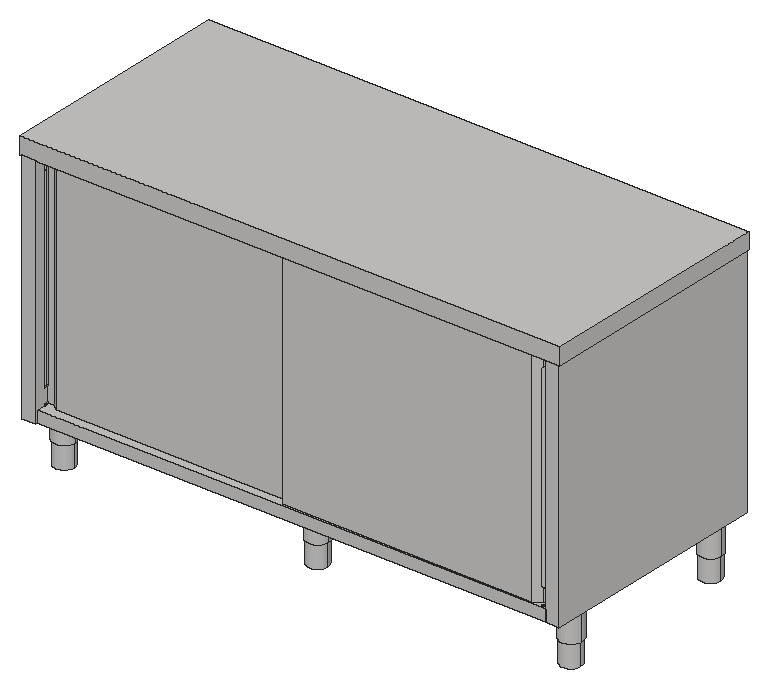
Revit family "QF_ELECTROLUXPROFESSIONAL_132869_MSP1607N", category Attrezzature speciali, Revit 2020
Family settings
  Quota connettore circolare = Usa diametro
  Tipo di parte = Normale
  Basato su piano di lavoro = No
  Sempre verticale = Sì
  Taglio con vuoti quando caricato = No
  Condiviso = No
  Punto di calcolo locali = No
Parameters (values of type "Standard")
  Weight = 65.00 kg
  Watts = 0 W
  Volts = 0 V
  URL Manufacturer = "https://www.electroluxprofessional.com/"
  URL = "https://www.electroluxprofessional.com/"
  Steam Supply Size = 0 mm
  Steam Supply Minimum Pressure = 0.0 Pa
  Steam Supply Maximum Pressure = 0.0 Pa
  Steam Consumption per Hour = 0
  Refrigeration Suction Line Size = 0.0 mm
  Refrigeration Liquid Line Size = 0.0 mm
  Refrigerant Compressor Remote = yes
  Prospetto di default = 0.0 mm
  Phase = 0
  Modello = "MSP1607N"
  Produttore = "Electrolux Professional"
  Length Actual = 1600.0 mm  # constant formula
  Item Number = "132869"
  Hot Water Size = 0 mm
  Height Actual = 900.0 mm  # constant formula
  HP = "0 HP"
  Gas Size = 0 mm
  Gas KW = 0
  Gas Input Pressure = 0 W
  Direct Waste Size = 0 mm
  Descrizione = "WORKTOP CUPBOARD PASSTHROUGH 1600MM"
  Depth Actual = 700.0 mm  # constant formula
  Cycle = 0 Hz
  Condensate Return Size = 0 mm
  Compressed Air Volume = 0.0 L/s
  Compressed Air Size = 0 mm
  Compressed Air Pressure = 0.0 Pa
  Cold Water Size = 0 mm
  Accessory = yes
Reference planes
  plane 1 "Center (Front/Back)": y = 0
  plane 2: z = 0
  plane 3 "Center (Left/Right)": x = -300
  plane 4 "LEFT": x = -1100
  plane 5 "RIGHT": x = 500
  plane 6 "BACK": y = 350
  plane 7 "FRONT": y = -350
  plane 8 "TOP": z = 900
  plane 9: x = -1052
  plane 10: x = 452
  plane 11: y = 270
  plane 12: y = -247
  plane 13 "FEET": z = 150
  plane 14: x = -1054.5
  plane 15: y = -344.5
  plane 16: x = 454.5
  plane 17: x = -326.5
  plane 18: x = -273.5
  plane 19 "BaseTop": z = 850
  plane 20: x = -1094.5
  plane 21: x = 494.5
  plane 22: y = 344.5
Forms (mm)
  Extrusion 1, solid, material "QF_Finishes_Stainless Steel"
    sketch origin (0, 0, 150) x (-1, 0, 0) y (0, -1, 0)
      loop
        line (1094.5, -350) -> (1094.5, 350) -> (1054.5, 350) -> (1054.5, -350) -> (1094.5, -350)
      loop
        line (-454.5, -350) -> (-454.5, 344.5) -> (-494.5, 344.5) -> (-494.5, -350) -> (-454.5, -350)
    from 0 to 700
  Extrusion 2, solid, material "QF_Finishes_Stainless Steel"
    sketch origin (0, 0, 150) x (-1, 0, 0) y (0, -1, 0)
      loop
        line (1054.5, -347) -> (1054.5, 344.5) -> (-454.5, 344.5) -> (-454.5, -347) -> (1054.5, -347)
    from 0 to 35
  Extrusion 3, solid, material "QF_Finishes_Stainless Steel"
    sketch origin (33, 0, 150) x (-1, 0, 0) y (0, -1, 0)
      loop
        line (306.5, 324.5) -> (306.5, 304.5) -> (1085, 304.5) -> (1085, 319.071) -> (1077.942, 326.129) -> (1076.312, 324.5) -> (1083, 317.812) -> (1083, 309.5) -> (1066.034, 309.5) -> (1046.034, 324.5) -> (306.5, 324.5)
    from 700 to 40
  Extrusion 4, void
    sketch origin (0, -350, 0) x (-1, 0, 0) y (0, 0, 1)
      loop
        line (1042.418, 247.973) -> (1042.418, 191.4) -> (1054.5, 191.4) -> (1054.5, 229.369) -> (1042.418, 247.973)
      loop
        line (1042.418, 816.627) -> (1054.5, 835.231) -> (1054.5, 850) -> (1042.418, 850) -> (1042.418, 816.627)
    from 20.5 to 40.5
  Extrusion 5, solid, material "QF_Finishes_Stainless Steel"
    sketch origin (0, 0, 150) x (-1, 0, 0) y (0, -1, 0)
      loop
        line (-454.5, -350) -> (1054.5, -350) -> (1054.5, -327) -> (-454.5, -327) -> (-454.5, -350)
    from 700 to 35
  Extrusion 6, solid, material "QF_Finishes_Stainless Steel"
    sketch origin (0, 0, 850) x (-1, 0, 0) y (0, -1, 0)
      loop
        line (1100, 350) -> (-500, 350) -> (-500, -350) -> (1100, -350) -> (1100, 350)
    from 0 to 50
  Extrusion 7, solid, material "QF_Finishes_Stainless Steel"
    sketch origin (-633, 0, 150) x (1, 0, 0) y (0, 1, 0)
      loop
        line (306.5, -344.5) -> (1046.034, -344.5) -> (1066.034, -329.5) -> (1083, -329.5) -> (1083, -337.812) -> (1076.312, -344.5) -> (1077.942, -346.129) -> (1085, -339.071) -> (1085, -324.5) -> (306.5, -324.5) -> (306.5, -344.5)
    from 700 to 40
  Extrusion 8, void
    sketch origin (-600, -350, 0) x (1, 0, 0) y (0, 0, -1)
      loop
        line (1042.418, -247.973) -> (1054.5, -229.369) -> (1054.5, -191.4) -> (1042.418, -191.4) -> (1042.418, -247.973)
      loop
        line (1042.418, -816.627) -> (1042.418, -850) -> (1054.5, -850) -> (1054.5, -835.231) -> (1042.418, -816.627)
    from 2.538 to 20.5
Cuts and joins
  Extrusion 4, Extrusion 8 cuts Extrusion 3
  Extrusion 8 cuts Extrusion 1
  Extrusion 8 cuts Extrusion 7
Lines and regions (mm)
  symbolic lines, style "SpecialityEquipmentHiddenLines"
    curve 1: line (-1051.5, -324.5, 1600) -> (-1051.5, -329.5, 1600)
    curve 6: line (-326.5, -324.5, 200) -> (-326.5, -344.5, 200)
    curve 7: line (-1052, -304.5, 850) -> (-273.5, -304.5, 850)
    curve 8: line (-273.5, -304.5, 850) -> (-273.5, -324.5, 850)
    curve 9: line (-273.5, -324.5, 850) -> (-1013.034, -324.5, 850)
    curve 10: line (-1013.034, -324.5, 850) -> (-1033.034, -309.5, 850)
    curve 11: line (-1033.034, -309.5, 850) -> (-1052, -309.5, 850)
    curve 12: line (-1052, -309.5, 850) -> (-1052, -304.5, 850)
    curve 13: line (-326.5, -344.5, 850) -> (413.034, -344.5, 850)
    curve 14: line (413.034, -344.5, 850) -> (433.034, -329.5, 850)
    curve 15: line (433.034, -329.5, 850) -> (452, -329.5, 850)
    curve 16: line (452, -329.5, 850) -> (452, -324.5, 850)
    curve 17: line (452, -324.5, 850) -> (-273.5, -324.5, 850)
  symbolic lines, style "SpecialityEquipment"
    curve 2: line (-1100, 350, 850) -> (500, 350, 850)
    curve 3: line (-1100, -350, 850) -> (-1100, 350, 850)
    curve 4: line (500, -350, 850) -> (-1100, -350, 850)
    curve 5: line (500, 350, 850) -> (500, -350, 850)
Dimensions and locks
  plane 4 "LEFT" to plane 5 "RIGHT" = 1600.0 mm
  equal spacing: plane 4 "LEFT", plane 3 "Center (Left/Right)", plane 5 "RIGHT"
  plane 6 "BACK" to plane 7 "FRONT" = 700.0 mm
  equal spacing: plane 6 "BACK", plane 1 "Center (Front/Back)", plane 7 "FRONT"
  locked: plane 13 "FEET" to level at 150
  locked: plane 4 "LEFT" to plane 9 at 48
  locked: plane 10 to plane 5 "RIGHT" at 48
  locked: plane 6 "BACK" to plane 11 at 80
  locked: plane 12 to plane 7 "FRONT" at 103
  locked: plane 8 "TOP" to level at 900
  locked: plane 17 to plane 18 at 53
  equal spacing: plane 17, plane 3 "Center (Left/Right)", plane 18
  locked: plane 8 "TOP" to plane 19 "BaseTop" at 50
  plane 4 "LEFT" to plane 20 = 5.5 mm
  locked: plane 20 to plane 14 at 40
  locked: plane 16 to plane 21 at 40
  locked: plane 21 to plane 5 "RIGHT" at 5.5
  plane 15 to plane 7 "FRONT" = 5.5 mm  (x2)
  plane 6 "BACK" to plane 22 = 5.5 mm
  aligned and locked: level to plane 2
  aligned and locked: plane 9 to nested 1
  aligned and locked: plane 10 to nested 2
  aligned and locked: nested 4 to plane 11
  aligned and locked: plane 9 to nested 3
  aligned and locked: nested 3 to plane 11
  aligned and locked: plane 6 "BACK" to Extrusion 1 sketch curve
  aligned and locked: Extrusion 1 sketch curve to plane 6 "BACK"
  aligned and locked: Extrusion 1 sketch curve to plane 7 "FRONT"
  aligned and locked: plane 14 to Extrusion 1
  aligned and locked: Extrusion 2 to plane 14
  aligned and locked: Extrusion 2 to plane 15
  aligned and locked: nested 1 to plane 12
  aligned and locked: nested 2 to plane 12
  aligned and locked: Extrusion 2 sketch curve to plane 16
  aligned and locked: plane 18 to Extrusion 3
  aligned and locked: nested 4 to nested 2
  aligned and locked: plane 16 to Extrusion 5
  aligned and locked: Extrusion 5 to plane 14
  aligned and locked: plane 19 "BaseTop" to Extrusion 3
  aligned and locked: plane 19 "BaseTop" to Extrusion 5
  aligned and locked: plane 19 "BaseTop" to cut or joined group of Extrusion 1, Extrusion 8
  aligned and locked: plane 19 "BaseTop" to cut or joined group of Extrusion 7, Extrusion 8
  aligned and locked: nested 6 to nested 5
Automatic sketch dimensions
  Extrusion 6 sketch curve to plane 5 "RIGHT" = 0.0 mm
  Extrusion 6 sketch curve to plane 4 "LEFT" = 0.0 mm
  Extrusion 6 sketch curve to plane 6 "BACK" = 0.0 mm
  Extrusion 6 sketch curve to plane 7 "FRONT" = 0.0 mm
  Extrusion 1 sketch curve to plane 15 = 0.0 mm
  Extrusion 1 sketch curve to plane 21 = 0.0 mm
  Extrusion 1 sketch curve to plane 16 = 0.0 mm
  Extrusion 1 sketch curve to plane 14 = 0.0 mm
  Extrusion 1 sketch curve to plane 20 = 0.0 mm
  Extrusion 2 sketch curve to plane 14 = 0.0 mm
  Extrusion 2 sketch curve to plane 15 = 0.0 mm
  plane 22 to Extrusion 2 sketch curve = 2.5 mm
  Extrusion 3 sketch curve to plane 18 = 0.0 mm
  Extrusion 3 sketch curve to plane 9 = 0.0 mm
  plane 9 to Extrusion 3 sketch curve = 38.966 mm
  plane 9 to Extrusion 3 sketch curve = 18.966 mm
  plane 9 to Extrusion 3 sketch curve = 8.688 mm
  Extrusion 3 sketch curve to Extrusion 3 sketch curve = 1.629 mm
  plane 9 to Extrusion 3 sketch curve = 2.0 mm
  plane 15 to Extrusion 3 sketch curve = 40.0 mm
  Extrusion 3 sketch curve to Extrusion 3 sketch curve = 5.0 mm
  Extrusion 3 sketch curve to Extrusion 3 sketch curve = 8.312 mm
  Extrusion 3 sketch curve to Extrusion 3 sketch curve = 1.259 mm
  plane 15 to Extrusion 3 sketch curve = 20.0 mm
  Extrusion 4 sketch curve to plane 19 "BaseTop" = 0.0 mm
  Extrusion 4 sketch curve to plane 14 = 0.0 mm  (x2)
  plane 9 to Extrusion 4 sketch curve = 9.582 mm  (x2)
  Extrusion 4 sketch curve to Extrusion 4 sketch curve = 14.769 mm
  Extrusion 4 sketch curve to Extrusion 4 sketch curve = 18.604 mm  (x2)
  plane 13 "FEET" to Extrusion 4 sketch curve = 97.973 mm
  Extrusion 4 sketch curve to Extrusion 4 sketch curve = 37.969 mm
  plane 9 to curve 1 = 0.5 mm
  plane 15 to curve 1 = 20.0 mm
  curve 1 to curve 1 = 5.0 mm
  curve 6 to plane 15 = 0.0 mm
  curve 6 to plane 17 = 0.0 mm
  plane 15 to curve 6 = 20.0 mm
  Extrusion 5 sketch curve to plane 6 "BACK" = 0.0 mm
  Extrusion 5 sketch curve to plane 16 = 0.0 mm
  Extrusion 5 sketch curve to plane 14 = 0.0 mm
  plane 22 to Extrusion 5 sketch curve = 17.5 mm
  curve 2 to plane 5 "RIGHT" = 0.0 mm
  curve 16 to plane 10 = 0.0 mm
  curve 14 to plane 15 = 0.0 mm
  curve 9 to plane 18 = 0.0 mm
  curve 13 to plane 17 = 0.0 mm
  curve 12 to plane 9 = 0.0 mm
  curve 3 to plane 4 "LEFT" = 0.0 mm
  curve 2 to plane 6 "BACK" = 0.0 mm
  curve 4 to plane 7 "FRONT" = 0.0 mm
  curve 15 to plane 10 = 18.966 mm
  curve 14 to curve 14 = 20.0 mm
  plane 9 to curve 9 = 38.966 mm
  curve 10 to curve 11 = 18.966 mm
  plane 15 to curve 8 = 40.0 mm
  curve 7 to curve 12 = 5.0 mm
  curve 7 to curve 9 = 20.0 mm
  curve 16 to curve 15 = 5.0 mm
  Extrusion 7 sketch curve to plane 17 = 0.0 mm
  Extrusion 7 sketch curve to plane 15 = 0.0 mm  (x2)
  Extrusion 7 sketch curve to plane 10 = 0.0 mm
  plane 10 to Extrusion 7 sketch curve = 38.966 mm
  plane 10 to Extrusion 7 sketch curve = 18.966 mm
  plane 10 to Extrusion 7 sketch curve = 8.688 mm
  plane 15 to Extrusion 7 sketch curve = 1.629 mm
  Extrusion 7 sketch curve to Extrusion 7 sketch curve = 1.629 mm
  plane 10 to Extrusion 7 sketch curve = 2.0 mm
  Extrusion 7 sketch curve to plane 15 = 15.0 mm
  Extrusion 7 sketch curve to Extrusion 7 sketch curve = 5.0 mm
  Extrusion 8 sketch curve to plane 19 "BaseTop" = 0.0 mm
  Extrusion 8 sketch curve to plane 16 = 0.0 mm  (x2)
  plane 10 to Extrusion 8 sketch curve = 9.582 mm  (x2)
  plane 19 "BaseTop" to Extrusion 8 sketch curve = 14.769 mm
  Extrusion 8 sketch curve to Extrusion 8 sketch curve = 18.604 mm  (x2)
  Extrusion 8 sketch curve to plane 13 "FEET" = 97.973 mm
  Extrusion 8 sketch curve to Extrusion 8 sketch curve = 37.969 mm
Nested families
  nested 1: "FEET_D60-150" at (-1052, -247, 0), type "FEET_D60-150"
  nested 2: "FEET_D60-150" at (452, -247, 0), type "FEET_D60-150"
  nested 3: "FEET_D60-150" at (-1052, 270, 0), type "FEET_D60-150"
  nested 4: "FEET_D60-150" at (452, 270, 0), type "FEET_D60-150"
  nested 5: "FEET_D60-150" at (-300, -247, 0), type "FEET_D60-150"
  nested 6: "FEET_D60-150" at (-300, 270, 0), type "FEET_D60-150"
Definition of nested family "FEET_D60-150"
  Parameters
    Default Elevation = 0.0 mm
    FEET = 150.0 mm
  Reference planes
    plane 1 "Center (Front/Back)": y = 0
    plane 2: z = 0
    plane 3 "Center (Left/Right)": x = 0
    plane 4: z = 150
  Forms (mm)
    Extrusion 1, solid
      sketch origin (0, 0, 0) x (1, 0, 0) y (0, 1, 0)
        loop
          circle (0, 0) r 28
      from 0 to 67
    Revolve 2, solid
      sketch origin (0, 0, 0) x (1, 0, 0) y (0, 0, 1)
        loop
          line (0, 0) -> (0, 150) -> (-32.939, 150) -> (-32.939, 67) -> (-30, 67) -> (-30, 0) -> (0, 0)
        axis (0, 150) -> (0, 0)
      angle from 0 to 360
  Lines and regions (mm)
    symbolic lines
      curve 1: line (0, -1.503, 0) -> (0, 1.508, 0)
      curve 2: line (1.561, 0, 0) -> (-1.439, 0, 0)
  Dimensions and locks
    "FEET": plane 4 to plane 2
    aligned and locked: level to plane 2
  Automatic sketch dimensions
    plane 1 "Center (Front/Back)" to Extrusion 1 sketch curve = 0.0 mm
    Extrusion 1 sketch curve to plane 3 "Center (Left/Right)" = 0.0 mm
    plane 1 "Center (Front/Back)" to curve 2 = 0.0 mm
    curve 1 to plane 3 "Center (Left/Right)" = 0.0 mm
    curve 2 to plane 3 "Center (Left/Right)" = 1.439 mm
    plane 3 "Center (Left/Right)" to curve 2 = 1.561 mm
    plane 1 "Center (Front/Back)" to curve 1 = 1.503 mm
    curve 1 to plane 1 "Center (Front/Back)" = 1.508 mm
    Revolve 2 sketch curve to plane 4 = 0.0 mm
    Revolve 2 sketch curve to level = 0.0 mm
    Revolve 2 sketch curve to plane 3 "Center (Left/Right)" = 0.0 mm  (x2)
    Revolve 2 sketch curve to plane 3 "Center (Left/Right)" = 30.0 mm
    Revolve 2 sketch curve to plane 3 "Center (Left/Right)" = 32.939 mm
    level to Revolve 2 sketch curve = 67.0 mm
    Revolve 2 sketch curve to level = 42.207 mm
    Revolve 2 sketch curve to Revolve 2 sketch curve = 10.0 mm
    radius of Extrusion 1 sketch curve = 28.0 mm
